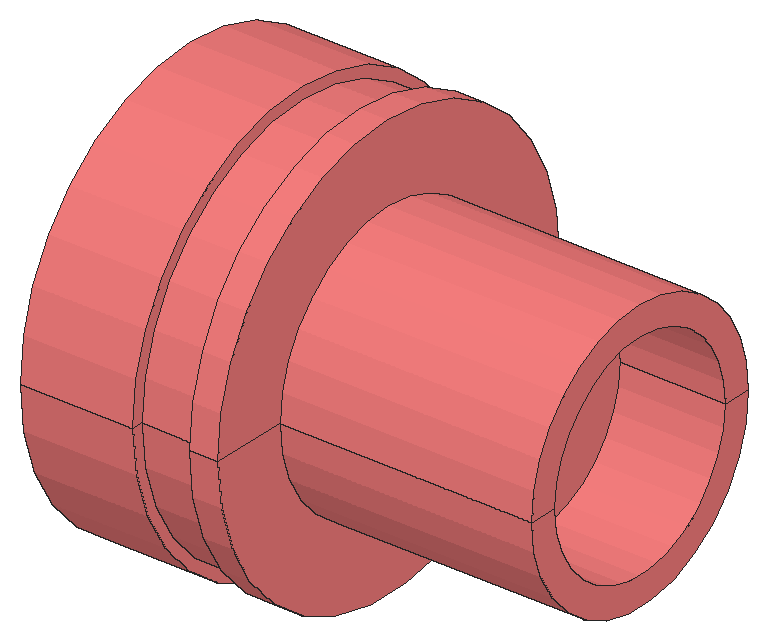
Revit family "ST-115TF CONCENTRIC REDUCER THREADED", category Pipe Fittings, Revit 2025
Family settings
  Round Connector Dimension = Use Diameter
  Part Type = Multi Port
  Work Plane-Based = No
  Always vertical = Yes
  Cut with Voids When Loaded = No
  Shared = Yes
Parameters (values of type "50X25")
  Y+8 [instance] = Y + 8 mm  # 38.3 mm
  Y [instance] = size_lookup(LOOKUP TABLE, "Y", 100 mm, ND1, ND2)  # 30.3 mm
  TL [instance] = size_lookup(LOOKUP TABLE, "TL", 100 mm, ND1, ND2)  # 15 mm
  OD1 [instance] = size_lookup(LOOKUP TABLE, "OD1", 100 mm, ND1, ND2)  # 60.3 mm
  ND2 [instance] = 25 mm
  ND1 [instance] = 50 mm
  LOOKUP TABLE [instance] = "ST-115TF CONCENTRIC REDUCER THREADED"
  L [instance] = size_lookup(LOOKUP TABLE, "L", 100 mm, ND1, ND2)  # 63.5 mm
  H [instance] = size_lookup(LOOKUP TABLE, "H", 100 mm, ND1, ND2)  # 8 mm
  GD1 [instance] = size_lookup(LOOKUP TABLE, "GD1", 100 mm, ND1, ND2)  # 57.2 mm
  GH+4 [instance] = G + H + 4 mm  # 27.9 mm
  G [instance] = size_lookup(LOOKUP TABLE, "G", 100 mm, ND1, ND2)  # 15.9 mm
  Default Elevation = 0 mm
Types (23, lengths in mm): name | Y+8 | Y | TL | OD1 | ND2 | ND1 | L | H | GD1 | GH+4
  (no name) | 38.3 | 30.3 | 15 | 60.3 | 25 | 50 | 63.5 | 8 | 57.2 | 27.9
  50X25 | 38.3 | 30.3 | 15 | 60.3 | 25 | 50 | 63.5 | 8 | 57.2 | 27.9
  50X32 | 47 | 39 | 17 | 60.3 | 32 | 50 | 63.5 | 8 | 57.2 | 27.9
  65X50 | 64.6 | 56.6 | 19.1 | 73 | 50 | 65 | 63.5 | 8 | 69.1 | 27.9
  50X40 | 52.8 | 44.8 | 18 | 60.3 | 40 | 50 | 63.5 | 8 | 57.2 | 27.9
  65X25 | 38.3 | 30.3 | 15 | 73 | 25 | 65 | 63.5 | 8 | 69.1 | 27.9
  65X32 | 47 | 39 | 17 | 73 | 32 | 65 | 63.5 | 8 | 69.1 | 27.9
  65X40 | 52.8 | 44.8 | 18 | 73 | 40 | 65 | 63.5 | 8 | 69.1 | 27.9
  3ODX25 | 38.3 | 30.3 | 15 | 76.2 | 25 | 76.1 | 63.5 | 8 | 72.3 | 27.9
  3ODX32 | 47 | 39 | 17 | 76.2 | 32 | 76.1 | 63.5 | 8 | 72.3 | 27.9
  3ODX40 | 52.8 | 44.8 | 18 | 76.2 | 40 | 76.1 | 63.5 | 8 | 72.3 | 27.9
  3ODX50 | 64.6 | 56.6 | 19.1 | 76.2 | 50 | 76.1 | 63.5 | 8 | 72.3 | 27.9
  80X25 | 38.3 | 30.3 | 15 | 88.9 | 25 | 80 | 63.5 | 8 | 85 | 27.9
  80X32 | 47 | 39 | 17 | 88.9 | 32 | 80 | 63.5 | 8 | 85 | 27.9
  80X40 | 52.8 | 44.8 | 18 | 88.9 | 40 | 80 | 63.5 | 8 | 85 | 27.9
  80X50 | 64.6 | 56.6 | 19.1 | 88.9 | 50 | 80 | 63.5 | 8 | 85 | 27.9
  80X65 | 80.2 | 72.2 | 23.5 | 88.9 | 65 | 80 | 63.5 | 8 | 85 | 27.9
  100X25 | 38.3 | 30.3 | 15 | 114.3 | 25 | 100 | 76.2 | 9.5 | 110.1 | 29.4
  100X32 | 47 | 39 | 17 | 114.3 | 32 | 100 | 76.2 | 9.5 | 110.1 | 29.4
  100X40 | 52.8 | 44.8 | 18 | 114.3 | 40 | 100 | 76.2 | 9.5 | 110.1 | 29.4
  100X50 | 64.6 | 56.6 | 19.1 | 114.3 | 50 | 100 | 76.2 | 9.5 | 110.1 | 29.4
  100X65 | 80.2 | 72.2 | 23.5 | 114.3 | 65 | 100 | 76.2 | 9.5 | 110.1 | 29.4
  100X80 | 92.9 | 84.9 | 25 | 114.3 | 80 | 100 | 76.2 | 9.5 | 110.1 | 29.4
Reference planes
  plane 1 "Center (Front/Back)": y = 0
  plane 2: z = 0
  plane 3 "Center (Left/Right)": x = 0
  plane 4: y = 30.15
  plane 5: y = -30.15
  plane 6: x = 63.5
  plane 7: x = 27.9
  plane 8: x = 23.9
  plane 9: x = 15.9
  plane 10: y = 28.6
  plane 11: y = -28.6
  plane 12: y = 19.15
  plane 13: y = -19.15
  plane 14: x = 48.5
Forms (mm)
  Revolve 1, solid, material "Iron, Ductile(1)"
    sketch origin (0, 0, 0) x (1, 0, 0) y (0, 1, 0)
      loop
        line (0, 0) -> (63.5, 0) -> (63.5, 19.15) -> (27.9, 19.15) -> (27.9, 30.15) -> (23.9, 30.15) -> (23.9, 28.6) -> (15.9, 28.6) -> (15.9, 30.15) -> (0, 30.15) -> (0, 0)
      axis (63.5, 0) -> (0, 0)
    angle from 0 to 360
  Extrusion 2, void
    sketch origin (48.5, 44.382, 1200) x (0, -1, 0) y (0, 0, 1)
      loop
        circle (44.382, -1200) r 15.15
    from -15 to 0
Cuts and joins
  Extrusion 2 cuts Revolve 1
Dimensions and locks
  equal spacing: plane 10, plane 1 "Center (Front/Back)", plane 11
  "GD1": plane 10 to plane 11
  equal spacing: plane 4, plane 1 "Center (Front/Back)", plane 5
  "OD1": plane 4 to plane 5
  "L": plane 3 "Center (Left/Right)" to plane 6
  "G": plane 3 "Center (Left/Right)" to plane 9
  "H": plane 9 to plane 8
  "GH+4": plane 3 "Center (Left/Right)" to plane 7
  equal spacing: plane 12, plane 1 "Center (Front/Back)", plane 13
  "Y+8": plane 12 to plane 13
  "TL": plane 14 to plane 6
  "Y": diameter of Extrusion 2 sketch curve
  aligned and locked: level to plane 2
  aligned and locked: Revolve 1 sketch curve to plane 1 "Center (Front/Back)"  (x2)
  aligned and locked: Revolve 1 sketch curve to plane 6
  aligned and locked: plane 3 "Center (Left/Right)" to Revolve 1 sketch curve
  aligned and locked: Revolve 1 sketch curve to plane 4  (x2)
  aligned and locked: Revolve 1 sketch curve to plane 9
  aligned and locked: Revolve 1 sketch curve to plane 10
  aligned and locked: Revolve 1 sketch curve to plane 7
  aligned and locked: Revolve 1 sketch curve to plane 12
  aligned and locked: plane 1 "Center (Front/Back)" to Extrusion 2 sketch curve
  aligned and locked: level to Extrusion 2 sketch curve
  aligned and locked: plane 6 to Extrusion 2
  aligned and locked: Extrusion 2 to plane 14
Automatic sketch dimensions
  Revolve 1 sketch curve to plane 8 = 0 mm
  Revolve 1 sketch curve to plane 3 "Center (Left/Right)" = 2000 mm
  plane 6 to Revolve 1 sketch curve = 1936.5 mm
Connectors
  piping at (0, 0, 0), diameter 50, driven by "ND1"
    settings: on cut or joined group of Revolve 1, Extrusion 2, index 1, connector inside diameter 609.6 mm, connector length 0 mm, flow factor 0, pipe flow 0.0 L/s, pressure drop 0.0 Pa, fitting loss kfactor 0, connector angle 0.00°, fixture units 0, engagement length 0 mm, angle of deflection 0.00°, flow configuration 0, flow direction 0, fitting loss method 0, system type 28, joint type 0, gender type 0, connector reference index 2, connector utility 0, adjustable connector no, is connector primary yes, connector description ""
  piping at (48.5, 0, 0), diameter 25, driven by "ND2"
    settings: on cut or joined group of Revolve 1, Extrusion 2, index 2, connector inside diameter 609.6 mm, connector length 0 mm, flow factor 0, pipe flow 0.0 L/s, pressure drop 0.0 Pa, fitting loss kfactor 0, connector angle 0.00°, fixture units 0, engagement length 0 mm, angle of deflection 0.00°, flow configuration 0, flow direction 0, fitting loss method 0, system type 28, joint type 0, gender type 0, connector reference index 1, connector utility 0, adjustable connector no, is connector primary no, connector description ""
